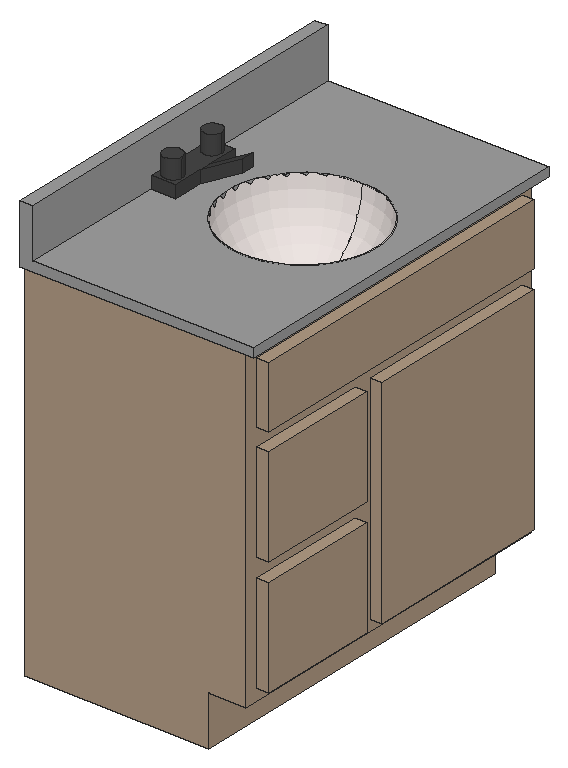
Revit family "M_廁所 - 臉盆", category 衛工裝置, Revit 2014
Parameters (values of type "760 mmx455 mm - 私人")
  衛生設施半徑 = 16 mm
  衛生設施直徑 = 衛生設施半徑 * 2  # 32 mm
  WFU = 1
  廁所長度 = 455 mm
  廁所寬度 = 760 mm
  水槽材料 = 瓷器 - 亞麻
  熱水半徑 = 7.5 mm
  熱水直徑 = 熱水半徑 * 2  # 15 mm
  廁所寬度的一半 = 廁所寬度 / 2  # 380 mm
  HWFU = 0.5
  流動壓力 [instance] = 55158.0 Pa
  龍頭材質 = 不鏽鋼
  冷水半徑 = 7.5 mm
  冷水直徑 = 冷水半徑 * 2  # 15 mm
  櫥櫃頂部材料 = 塑膠
  櫥櫃材料 = 橡木、紅色
  CWFU = 0.5
Types (3, lengths in mm): name | 衛生設施半徑 | 衛生設施直徑 | 廁所長度 | 廁所寬度 | 廁所寬度的一半
  760 mmx455 mm - 私人 | 16 | 32 | 455 | 760 | 380
  747 mmx455 mm - 私人 | 16 | 32 | 455 | 747 | 373.5
  500 mmx300 mm - 私人 | 10 | 20 | 300 | 500 | 250
Reference planes
  plane 1 "中心 (前/後)": y = 0
  plane 2: z = 0
  plane 3 "中心 (左/右)": x = 0
  plane 4: y = 380
  plane 5: y = -380
  plane 6: x = 26.194
  plane 7: x = 481.194
  plane 8: z = 101.6
  plane 9: z = 762
  plane 10: z = 781.05
  plane 11: z = 882.65
  plane 12: x = 455.794
  plane 13: x = 379.594
  plane 14: y = -367.3
  plane 15: y = 367.3
  plane 16: y = 341.9
  plane 17: y = -341.9
  plane 18: z = 736.6
  plane 19: z = 609.6
  plane 20: z = 571.5
  plane 21: z = 368.3
  plane 22: z = 330.2
  plane 23: z = 127
  plane 24: y = -87.9
  plane 25: y = -49.8
  plane 26 "1": x = 277.994
  plane 27: x = 76.994
  plane 28: y = 76.2
  plane 29: y = -76.2
  plane 30: z = 806.45
  plane 31: x = 51.594
  plane 32: y = 50.8
  plane 33: y = -50.8
  plane 34: z = 844.55
  plane 35: x = 165.1
  plane 36: z = 857.25
  plane 37: z = 831.85
  plane 38: y = 12.7
  plane 39: y = -12.7
  plane 40: x = 443.094
  plane 41 "2": z = 628.65
  plane 42: z = 685.8
  plane 43: y = -101.6
  plane 44: y = 101.6
Forms (mm)
  Extrusion 1, solid, material "塑膠" <- "櫥櫃頂部材料"
    sketch origin (0, 0, 0) x (1, 0, 0) y (0, 1, 0)
      loop
        line (0, 380) -> (0, -380) -> (481.194, -380) -> (481.194, 380) -> (0, 380)
    from 762 to 781.05
  Extrusion 2, solid, material "塑膠" <- "櫥櫃頂部材料"
    sketch origin (0, 0, 0) x (1, 0, 0) y (0, 1, 0)
      loop
        line (0, 380) -> (0, -380) -> (26.194, -380) -> (26.194, 380) -> (0, 380)
    from 781.05 to 882.65
  Extrusion 3, solid, material "橡木、紅色" <- "櫥櫃材料"
    sketch origin (0, 0, 0) x (1, 0, 0) y (0, 1, 0)
      loop
        line (0, 367.3) -> (0, -367.3) -> (379.594, -367.3) -> (379.594, 367.3) -> (0, 367.3)
    from 0 to 101.6
  Extrusion 4, solid, material "橡木、紅色" <- "櫥櫃材料"
    sketch origin (0, 0, 0) x (1, 0, 0) y (0, 1, 0)
      loop
        line (0, 367.3) -> (0, -367.3) -> (455.794, -367.3) -> (455.794, 367.3) -> (0, 367.3)
    from 101.6 to 762
  Extrusion 5, solid, material "橡木、紅色" <- "櫥櫃材料"
    sketch origin (0, 0, 0) x (0, 1, 0) y (0, 0, 1)
      loop
        line (-341.9, 736.6) -> (-341.9, 609.6) -> (341.9, 609.6) -> (341.9, 736.6) -> (-341.9, 736.6)
      loop
        line (-341.9, 571.5) -> (-341.9, 368.3) -> (-87.9, 368.3) -> (-87.9, 571.5) -> (-341.9, 571.5)
      loop
        line (-341.9, 330.2) -> (-341.9, 127) -> (-87.9, 127) -> (-87.9, 330.2) -> (-341.9, 330.2)
      loop
        line (-49.8, 571.5) -> (-49.8, 127) -> (341.9, 127) -> (341.9, 571.5) -> (-49.8, 571.5)
    from 455.794 to 481.194
  Extrusion 6, solid, material "不鏽鋼" <- "龍頭材質", detail levels fine
    sketch origin (0, 0, 0) x (1, 0, 0) y (0, 1, 0)
      loop
        line (26.194, 76.2) -> (26.194, -76.2) -> (76.994, -76.2) -> (76.994, 76.2) -> (26.194, 76.2)
    from 781.05 to 806.45
  Extrusion 7, solid, material "不鏽鋼" <- "龍頭材質", detail levels fine
    sketch origin (0, 0, 0) x (1, 0, 0) y (0, 1, 0)
      loop
        circle (51.594, 50.8) r 19.05
      loop
        circle (51.594, -50.8) r 19.05
    from 806.45 to 844.55
  Extrusion 8, solid, material "不鏽鋼" <- "龍頭材質", detail levels fine
    sketch origin (0, 0, 0) x (1, 0, 0) y (0, 0, 1)
      loop
        line (165.1, 857.25) -> (76.994, 806.45) -> (76.994, 781.05) -> (165.1, 831.85) -> (165.1, 857.25)
    from -12.7 to 12.7
  Extrusion 9, void
    sketch origin (0, 0, 0) x (1, 0, 0) y (0, 1, 0)
      loop
        line (26.194, 341.9) -> (26.194, -341.9) -> (443.094, -341.9) -> (443.094, 341.9) -> (26.194, 341.9)
    from 368.3 to 762
  Extrusion 10, void
    sketch origin (0, 0, 0) x (1, 0, 0) y (0, 1, 0)
      loop
        circle (277.994, 0) r 152.4
    from 762 to 781.05
  Revolve 11, solid, material "瓷器 - 亞麻" <- "水槽材料"
    sketch origin (277.994, 0, 0) x (0, 1, 0) y (0, 0, 1)
      loop
        line (0, 628.65) -> (44.45, 628.65)
        arc (44.45, 628.65) -> (121.045, 678.338) -> (157.603, 762) r 158.75
        line (157.603, 762) -> (152.4, 781.05)
        arc (152.4, 781.05) -> (107.763, 673.287) -> (0, 628.65) r 152.4
      axis (0, 628.65) -> (0, 781.05)
    angle from 0 to 360
  Extrusion 12, solid, material "橡木、紅色" <- "櫥櫃材料"
    sketch origin (277.994, 0, 0) x (0, 1, 0) y (0, 0, 1)
      loop
        circle (-101.6, 685.8) r 12.7
      loop
        circle (101.6, 685.8) r 12.7
    from -277.994 to -251.8
Cuts and joins
  joined: Extrusion 6, Extrusion 7, Extrusion 8
  Extrusion 9, Extrusion 10 cuts Extrusion 3
  Extrusion 9, Extrusion 10 cuts Extrusion 4
  joined: Extrusion 3, Extrusion 4, Extrusion 5, Extrusion 12
  Extrusion 10 cuts Extrusion 1
  joined: Extrusion 1, Extrusion 2
Dimensions and locks
  locked: plane 6 to plane 3 "中心 (左/右)" at 26.194
  "廁所長度": plane 7 to plane 6
  locked: plane 8 to plane 2 at 101.6
  locked: plane 9 to plane 8 at 660.4
  locked: plane 10 to plane 9 at 19.05
  locked: plane 11 to plane 10 at 101.6
  locked: plane 7 to plane 12 at 25.4
  locked: plane 12 to plane 13 at 76.2
  locked: plane 5 to plane 14 at 12.7
  locked: plane 15 to plane 4 at 12.7
  locked: plane 14 to plane 17 at 25.4
  locked: plane 16 to plane 15 at 25.4
  locked: plane 18 to plane 9 at 25.4
  locked: plane 18 to plane 19 at 127
  locked: plane 19 to plane 20 at 38.1
  locked: plane 20 to plane 21 at 203.2
  locked: plane 21 to plane 22 at 38.1
  locked: plane 22 to plane 23 at 203.2
  locked: plane 23 to plane 8 at 25.4
  locked: plane 17 to plane 24 at 254
  locked: plane 24 to plane 25 at 38.1
  locked: plane 26 "1" to plane 7 at 203.2
  equal spacing: plane 28, plane 1 "中心 (前/後)", plane 29
  locked: plane 6 to plane 27 at 50.8
  locked: plane 30 to plane 10 at 25.4
  equal spacing: plane 6, plane 31, plane 27
  locked: plane 28 to plane 32 at 25.4
  locked: plane 33 to plane 29 at 25.4
  locked: plane 34 to plane 30 at 38.1
  locked: plane 35 to plane 27 at 88.106
  locked: plane 36 to plane 10 at 76.2
  locked: plane 36 to plane 37 at 25.4
  equal spacing: plane 38, plane 1 "中心 (前/後)", plane 39
  locked: plane 40 to plane 12 at 12.7
  locked: plane 41 "2" to plane 2 at 628.65
  locked: plane 42 to plane 41 "2" at 57.15
  equal spacing: plane 43, plane 1 "中心 (前/後)", plane 44, locked at 101.6 each
  locked: plane 43 to plane 1 "中心 (前/後)" at 101.6
  "廁所寬度的一半": plane 4 to plane 1 "中心 (前/後)"
  "廁所寬度的一半": plane 1 "中心 (前/後)" to plane 5
  radius of Extrusion 7 sketch curve = 19.05 mm  (x2)
  radius of Extrusion 10 sketch curve = 152.4 mm
  radius of Revolve 11 sketch curve = 152.4 mm
  aligned and locked: Extrusion 1 to plane 3 "中心 (左/右)"
  aligned and locked: plane 7 to Extrusion 1
  aligned and locked: plane 4 to Extrusion 1
  aligned and locked: Extrusion 1 to plane 5
  aligned and locked: plane 9 to Extrusion 1
  aligned and locked: plane 6 to Extrusion 2
  aligned and locked: plane 4 to Extrusion 2
  aligned and locked: Extrusion 2 to plane 5
  aligned and locked: Extrusion 2 to plane 3 "中心 (左/右)"
  aligned and locked: Extrusion 2 to plane 11
  aligned and locked: Extrusion 2 to plane 10
  aligned and locked: Extrusion 3 to plane 3 "中心 (左/右)"
  aligned and locked: plane 13 to Extrusion 3
  aligned and locked: plane 8 to Extrusion 3
  aligned and locked: Extrusion 3 to plane 2
  aligned and locked: plane 12 to Extrusion 4
  aligned and locked: Extrusion 4 to plane 3 "中心 (左/右)"
  aligned and locked: Extrusion 4 to plane 9
  aligned and locked: Extrusion 4 to plane 8
  aligned and locked: Extrusion 4 to plane 14
  aligned and locked: plane 15 to Extrusion 4
  aligned and locked: Extrusion 3 to plane 14
  aligned and locked: plane 15 to Extrusion 3
  aligned and locked: Extrusion 5 to plane 17  (x3)
  aligned and locked: plane 18 to Extrusion 5
  aligned and locked: Extrusion 5 to plane 19
  aligned and locked: plane 16 to Extrusion 5  (x2)
  aligned and locked: plane 20 to Extrusion 5  (x2)
  aligned and locked: Extrusion 5 to plane 23  (x2)
  aligned and locked: Extrusion 5 to plane 25
  aligned and locked: Extrusion 5 to plane 21
  aligned and locked: Extrusion 5 to plane 24  (x2)
  aligned and locked: plane 22 to Extrusion 5
  aligned and locked: plane 7 to Extrusion 5
  aligned and locked: Extrusion 5 to plane 12
  aligned and locked: plane 27 to Extrusion 6
  aligned and locked: Extrusion 6 to plane 29
  aligned and locked: plane 28 to Extrusion 6
  aligned and locked: Extrusion 6 to plane 6
  aligned and locked: plane 30 to Extrusion 6
  aligned and locked: Extrusion 6 to plane 10
  aligned and locked: plane 31 to Extrusion 7 sketch curve  (x2)
  aligned and locked: plane 32 to Extrusion 7 sketch curve
  aligned and locked: plane 33 to Extrusion 7 sketch curve
  aligned and locked: plane 34 to Extrusion 7
  aligned and locked: Extrusion 7 to plane 30
  aligned and locked: plane 38 to Extrusion 8
  aligned and locked: Extrusion 8 to plane 39
  aligned and locked: cut or joined group of Extrusion 3, Extrusion 4, Extrusion 5, Extrusion 9, Extrusion 10, Extrusion 12 to plane 6
  aligned and locked: Extrusion 9 to plane 17
  aligned and locked: plane 40 to Extrusion 9
  aligned and locked: plane 16 to Extrusion 9
  aligned and locked: Extrusion 9 to plane 9
  aligned and locked: Extrusion 9 to plane 21
  aligned and locked: plane 26 "1" to Extrusion 10 sketch curve
  aligned and locked: plane 1 "中心 (前/後)" to Extrusion 10 sketch curve
  aligned and locked: plane 10 to Extrusion 10
  aligned and locked: plane 9 to Extrusion 10
  aligned and locked: Revolve 11 sketch curve to plane 1 "中心 (前/後)"
  aligned and locked: plane 1 "中心 (前/後)" to Revolve 11 sketch curve  (x2)
  aligned and locked: plane 10 to Revolve 11 sketch curve  (x2)
  aligned and locked: plane 42 to Extrusion 12 sketch curve  (x2)
  aligned and locked: plane 43 to Extrusion 12 sketch curve
  aligned and locked: plane 44 to Extrusion 12 sketch curve
  aligned and locked: Extrusion 12 to plane 3 "中心 (左/右)"
  aligned and locked: plane 6 to Extrusion 12
Automatic sketch dimensions
  Extrusion 1 sketch curve to plane 3 "中心 (左/右)" = 0 mm
  Extrusion 1 sketch curve to plane 5 = 0 mm
  Extrusion 1 sketch curve to plane 7 = 0 mm
  Extrusion 1 sketch curve to plane 4 = 0 mm
  Extrusion 2 sketch curve to plane 3 "中心 (左/右)" = 0 mm
  Extrusion 2 sketch curve to plane 5 = 0 mm
  Extrusion 2 sketch curve to plane 6 = 0 mm
  Extrusion 2 sketch curve to plane 4 = 0 mm
  Extrusion 3 sketch curve to plane 3 "中心 (左/右)" = 0 mm
  plane 5 to Extrusion 3 sketch curve = 12.7 mm
  Extrusion 3 sketch curve to plane 13 = 0 mm
  Extrusion 3 sketch curve to plane 4 = 12.7 mm
  Extrusion 4 sketch curve to plane 3 "中心 (左/右)" = 0 mm
  plane 5 to Extrusion 4 sketch curve = 12.7 mm
  Extrusion 4 sketch curve to plane 12 = 0 mm
  Extrusion 4 sketch curve to plane 4 = 12.7 mm
  Extrusion 5 sketch curve to plane 17 = 0 mm  (x3)
  Extrusion 5 sketch curve to plane 21 = 0 mm
  Extrusion 5 sketch curve to plane 24 = 0 mm  (x2)
  Extrusion 5 sketch curve to plane 23 = 0 mm  (x2)
  Extrusion 5 sketch curve to plane 25 = 0 mm
  Extrusion 5 sketch curve to plane 16 = 0 mm  (x2)
  Extrusion 5 sketch curve to plane 22 = 0 mm
  Extrusion 5 sketch curve to plane 20 = 0 mm  (x2)
  Extrusion 5 sketch curve to plane 19 = 0 mm
  Extrusion 5 sketch curve to plane 18 = 0 mm
  Extrusion 6 sketch curve to plane 6 = 0 mm
  Extrusion 6 sketch curve to plane 27 = 0 mm
  Extrusion 6 sketch curve to plane 29 = 0 mm
  Extrusion 6 sketch curve to plane 28 = 0 mm
  Extrusion 8 sketch curve to plane 27 = 0 mm
  Extrusion 8 sketch curve to plane 35 = 0 mm
  Extrusion 8 sketch curve to plane 10 = 0 mm
  Extrusion 8 sketch curve to plane 30 = 0 mm
  Extrusion 8 sketch curve to plane 37 = 0 mm
  Extrusion 8 sketch curve to plane 36 = 0 mm
  Extrusion 9 sketch curve to plane 6 = 0 mm
  plane 17 to Extrusion 9 sketch curve = 0 mm
  Extrusion 9 sketch curve to plane 40 = 0 mm
  plane 16 to Extrusion 9 sketch curve = 0 mm
  Revolve 11 sketch curve to plane 1 "中心 (前/後)" = 0 mm
  Revolve 11 sketch curve to plane 41 "2" = 0 mm
  Revolve 11 sketch curve to plane 20 = 0 mm
  Revolve 11 sketch curve to Revolve 11 sketch curve = 5.203 mm
  Revolve 11 sketch curve to Revolve 11 sketch curve = 50.8 mm
  Revolve 11 sketch curve to plane 9 = 0 mm
  radius of Extrusion 12 sketch curve = 12.7 mm  (x2)
Connectors
  piping at (0, 101.6, 685.8), diameter 15, driven by "冷水半徑", driven by "CWFU", driven by "流動壓力"
    settings: on Extrusion 12, index 1, connector inside diameter 15 mm, connector length 0 mm, flow factor 0, pipe flow 0.0 L/s, pressure drop 55158.0 Pa, fitting loss kfactor 0, connector angle 0.00°, fixture units 0.5, engagement length 0 mm, angle of deflection 0.00°, flow configuration 3, flow direction 1, fitting loss method 4, system type 20, joint type 0, gender type 0, connector reference index -1, connector utility 0, adjustable connector no, is connector primary yes, connector description "于"
  piping at (0, -101.6, 685.8), diameter 15, driven by "熱水半徑", driven by "HWFU", driven by "流動壓力"
    settings: on Extrusion 12, index 2, connector inside diameter 15 mm, connector length 0 mm, flow factor 0, pipe flow 0.0 L/s, pressure drop 55158.0 Pa, fitting loss kfactor 0, connector angle 0.00°, fixture units 0.5, engagement length 0 mm, angle of deflection 0.00°, flow configuration 3, flow direction 1, fitting loss method 4, system type 19, joint type 0, gender type 0, connector reference index -1, connector utility 0, adjustable connector no, is connector primary no, connector description "于"
  piping at (277.994, 0, 628.65), diameter 32, driven by "WFU", driven by "衛生設施半徑"
    settings: on Revolve 11, index 3, connector inside diameter 32 mm, connector length 0 mm, flow factor 0, pipe flow 0.0 L/s, pressure drop 0.0 Pa, fitting loss kfactor 0, connector angle 0.00°, fixture units 1, engagement length 0 mm, angle of deflection 0.00°, flow configuration 3, flow direction 2, fitting loss method 0, system type 16, joint type 0, gender type 0, connector reference index -1, connector utility 0, adjustable connector no, is connector primary no, connector description "外"
